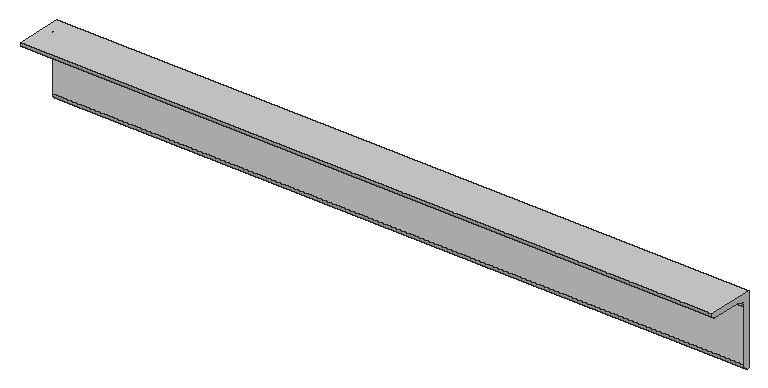
Revit family "BIMSF-L-Angle", category Structural Framing, Revit 2024
Family settings
  Section Shape = L Profile
  Material for Model Behavior = Steel
  Always export as geometry = No
  Always vertical = Yes
  Cut with Voids When Loaded = No
  Symbolic Representation = From Project Settings
  Shared = No
  Show family pre-cut in plan views = Yes
Parameters (values of type "L6X4X1/2")
  k = 0' - 1"
  Weight = 0.00 lbf/ft
  Structural Material [instance] = Metal - Steel - ASTM A36
  Start Extension Calculation [instance] = 10' 0 1/2" + Start Extension  # 10' - 0"
  Start Extension [instance] = -0' - 0 1/2"
  Reported Length [instance] = 5' - 0"
  End Extension Calculation [instance] = 10' 0 1/2" + End Extension  # 10' - 0"
  End Extension [instance] = -0' - 0 1/2"
  A = 4.75 in²
  Assembly Code = "B10"
  Length [instance] = 5' - 0"
  W = 16.2
  b = 0' - 4"
  d = 0' - 6"
  t = 0' - 0 1/2"
  x = 0' - 0 251/256"
  y = 0' - 1 251/256"
Reference planes (in)
  plane 1 "Center (Front/Back)": y = 0
  plane 2: z = 0
  plane 3 "Center (Left/Right)": x = 0.1815
  plane 4: y = 0.98047
  plane 5: y = -3.01953
  plane 6 "Top": z = 1.98047
  plane 7: z = -4.01953
  plane 8 "Left": x = -29.8185
  plane 9 "Right": x = 30.1815
Forms (in)
  Sweep 1, solid, material "Metal - Steel - ASTM A36" <- "Structural Material", detail levels fine
    path origin (0, 0, 0) x (1, 0, 0) y (0, 1, 0)
      loop
        line (30.1815, 0) -> (-29.8185, 0)
    profile "L-Angle-Profile-Fine : L-Angle-Profile-Fine" origin (0.1815, 0, 0) x (0, -1, 0) y (0, 0, 1)
      loop
        arc (-0.98047, -4.01953) -> (-0.62692, -3.87308) -> (-0.48047, -3.51953) r 0.5
        line (-0.48047, -3.51953) -> (-0.48047, 0.98047)
        arc (-0.48047, 0.98047) -> (-0.33402, 1.33402) -> (0.01953, 1.48047) r 0.5
        line (0.01953, 1.48047) -> (2.51953, 1.48047)
        arc (2.51953, 1.48047) -> (2.87308, 1.62692) -> (3.01953, 1.98047) r 0.5
        line (3.01953, 1.98047) -> (-0.98047, 1.98047) -> (-0.98047, -4.01953)
  Sweep 2, solid, material "Metal - Steel - ASTM A36" <- "Structural Material", detail levels medium
    path origin (0, 0, 0) x (1, 0, 0) y (0, 1, 0)
      loop
        line (30.1815, 0) -> (-29.8185, 0)
    profile "L-Angle-Profile-Medium : L-Angle-Profile-Medium" origin (0.1815, 0, 0) x (0, -1, 0) y (0, 0, 1)
      loop
        line (-0.98047, -4.01953) -> (-0.48047, -4.01953) -> (-0.48047, 1.48047) -> (3.01953, 1.48047) -> (3.01953, 1.98047) -> (-0.98047, 1.98047) -> (-0.98047, -4.01953)
Lines and regions (in)
  symbolic lines, style "Hidden Faces", detail levels medium+fine
    curve 1: line (-23.8185, 0, 1.48047) -> (24.1815, 0, 1.48047)
    curve 4: line (-29.8185, 0.48047, 0) -> (30.1815, 0.48047, 0)
  symbolic lines, style "Stick Symbols", detail levels coarse
    curve 2: line (0.1815, 0.98047, -4.01953) -> (0.1815, 0.98047, 1.98047)
    curve 3: line (0.1815, -3.01953, 1.98047) -> (0.1815, 0.98047, 1.98047)
Dimensions and locks (in)
  "b": plane 4 to plane 5
  "d": plane 7 to plane 6 "Top"
  "x": plane 4 to plane 1 "Center (Front/Back)"
  "y": plane 6 "Top" to plane 2
  "Length": plane 8 "Left" to plane 9 "Right"
  "b": curve 3 to curve 2
  "d": curve 3 to curve 2
  "t": curve 4 to plane 4
  "Reported Length": Sweep 2 to Sweep 2
  aligned and locked: Sweep 1 sketch curve to plane 1 "Center (Front/Back)"
  aligned and locked: Sweep 2 sketch curve to plane 1 "Center (Front/Back)"
  aligned and locked: plane 8 "Left" to Sweep 2 sketch curve
  aligned and locked: plane 9 "Right" to Sweep 2 sketch curve
  aligned and locked: plane 8 "Left" to Sweep 1 sketch curve
  aligned and locked: plane 9 "Right" to Sweep 1 sketch curve
  aligned and locked: plane 8 "Left" to curve 4
  aligned and locked: plane 9 "Right" to curve 4
Automatic sketch dimensions
  plane 6 "Top" to curve 1 = 0' - 0 1/2"
  curve 3 to plane 5 = 0' - 0"
  curve 2 to plane 7 = 0' - 0"
  curve 1 to plane 8 "Left" = 0' - 6"
  plane 9 "Right" to curve 1 = 0' - 6"
Types in the file's own list only (126): name | k | A | W | b | d | t | x | y
  L8X8X1-1/8 | 0' - 1 3/4" | 16.70 in² | 56.9 | 0' - 8" | 0' - 8" | 0' - 1 1/8" | 0' - 2 3/8" | 0' - 2 3/8"
  L8X8X1 | 0' - 1 5/8" | 15.00 in² | 51 | 0' - 8" | 0' - 8" | 0' - 1" | 0' - 2 3/8" | 0' - 2 3/8"
  L8X8X7/8 | 0' - 1 1/2" | 13.20 in² | 45 | 0' - 8" | 0' - 8" | 0' - 0 7/8" | 0' - 2 5/16" | 0' - 2 5/16"
  L8X8X3/4 | 0' - 1 3/8" | 11.40 in² | 38.9 | 0' - 8" | 0' - 8" | 0' - 0 3/4" | 0' - 2 1/4" | 0' - 2 1/4"
  L8X8X5/8 | 0' - 1 1/4" | 9.61 in² | 32.7 | 0' - 8" | 0' - 8" | 0' - 0 5/8" | 0' - 2 3/16" | 0' - 2 3/16"
  L8X8X9/16 | 0' - 1 3/16" | 8.68 in² | 29.6 | 0' - 8" | 0' - 8" | 0' - 0 9/16" | 0' - 2 3/16" | 0' - 2 3/16"
  L8X8X1/2 | 0' - 1 1/8" | 7.75 in² | 26.4 | 0' - 8" | 0' - 8" | 0' - 0 1/2" | 0' - 2 3/16" | 0' - 2 3/16"
  L8X6X1 | 0' - 1 1/2" | 13.00 in² | 44.2 | 0' - 6" | 0' - 8" | 0' - 1" | 0' - 1 5/8" | 0' - 2 5/8"
  L8X6X7/8 | 0' - 1 3/8" | 11.50 in² | 39.1 | 0' - 6" | 0' - 8" | 0' - 0 7/8" | 0' - 1 5/8" | 0' - 2 5/8"
  L8X6X3/4 | 0' - 1 1/4" | 9.94 in² | 33.8 | 0' - 6" | 0' - 8" | 0' - 0 3/4" | 0' - 1 9/16" | 0' - 2 9/16"
  L8X6X5/8 | 0' - 1 1/8" | 8.36 in² | 28.5 | 0' - 6" | 0' - 8" | 0' - 0 5/8" | 0' - 1 1/2" | 0' - 2 1/2"
  L8X6X9/16 | 0' - 1 1/16" | 7.56 in² | 25.7 | 0' - 6" | 0' - 8" | 0' - 0 9/16" | 0' - 1 1/2" | 0' - 2 1/2"
  L8X6X1/2 | 0' - 1" | 6.75 in² | 23 | 0' - 6" | 0' - 8" | 0' - 0 1/2" | 0' - 1 7/16" | 0' - 2 7/16"
  L8X6X7/16 | 0' - 0 15/16" | 5.93 in² | 20.2 | 0' - 6" | 0' - 8" | 0' - 0 7/16" | 0' - 1 7/16" | 0' - 2 7/16"
  L8X4X1 | 0' - 1 1/2" | 11.00 in² | 37.4 | 0' - 4" | 0' - 8" | 0' - 1" | 0' - 1 1/16" | 0' - 3"
  L8X4X7/8 | 0' - 1 3/8" | 9.73 in² | 33.1 | 0' - 4" | 0' - 8" | 0' - 0 7/8" | 0' - 1" | 0' - 3"
  L8X4X3/4 | 0' - 1 1/4" | 8.44 in² | 28.7 | 0' - 4" | 0' - 8" | 0' - 0 3/4" | 0' - 0 15/16" | 0' - 2 15/16"
  L8X4X5/8 | 0' - 1 1/8" | 7.11 in² | 24.2 | 0' - 4" | 0' - 8" | 0' - 0 5/8" | 0' - 0 7/8" | 0' - 2 7/8"
  L8X4X9/16 | 0' - 1 1/16" | 6.43 in² | 21.9 | 0' - 4" | 0' - 8" | 0' - 0 9/16" | 0' - 0 7/8" | 0' - 2 7/8"
  L8X4X1/2 | 0' - 1" | 5.75 in² | 19.6 | 0' - 4" | 0' - 8" | 0' - 0 1/2" | 0' - 0 7/8" | 0' - 2 13/16"
  L8X4X7/16 | 0' - 0 15/16" | 5.06 in² | 17.2 | 0' - 4" | 0' - 8" | 0' - 0 7/16" | 0' - 0 13/16" | 0' - 2 13/16"
  L7X4X3/4 | 0' - 1 1/4" | 7.69 in² | 26.2 | 0' - 4" | 0' - 7" | 0' - 0 3/4" | 0' - 1" | 0' - 2 1/2"
  L7X4X5/8 | 0' - 1 1/8" | 6.48 in² | 22.1 | 0' - 4" | 0' - 7" | 0' - 0 5/8" | 0' - 0 15/16" | 0' - 2 7/16"
  L7X4X1/2 | 0' - 1" | 5.25 in² | 17.9 | 0' - 4" | 0' - 7" | 0' - 0 1/2" | 0' - 0 15/16" | 0' - 2 3/8"
  L7X4X7/16 | 0' - 0 15/16" | 4.62 in² | 15.7 | 0' - 4" | 0' - 7" | 0' - 0 7/16" | 0' - 0 7/8" | 0' - 2 3/8"
  L7X4X3/8 | 0' - 0 7/8" | 3.98 in² | 13.6 | 0' - 4" | 0' - 7" | 0' - 0 3/8" | 0' - 0 7/8" | 0' - 2 3/8"
  L6X6X1 | 0' - 1 1/2" | 11.00 in² | 37.4 | 0' - 6" | 0' - 6" | 0' - 1" | 0' - 1 7/8" | 0' - 1 7/8"
  L6X6X7/8 | 0' - 1 3/8" | 9.75 in² | 33.1 | 0' - 6" | 0' - 6" | 0' - 0 7/8" | 0' - 1 13/16" | 0' - 1 13/16"
  L6X6X3/4 | 0' - 1 1/4" | 8.46 in² | 28.7 | 0' - 6" | 0' - 6" | 0' - 0 3/4" | 0' - 1 3/4" | 0' - 1 3/4"
  L6X6X5/8 | 0' - 1 1/8" | 7.13 in² | 24.2 | 0' - 6" | 0' - 6" | 0' - 0 5/8" | 0' - 1 3/4" | 0' - 1 3/4"
  L6X6X9/16 | 0' - 1 1/16" | 6.45 in² | 21.9 | 0' - 6" | 0' - 6" | 0' - 0 9/16" | 0' - 1 11/16" | 0' - 1 11/16"
  L6X6X1/2 | 0' - 1" | 5.77 in² | 19.6 | 0' - 6" | 0' - 6" | 0' - 0 1/2" | 0' - 1 11/16" | 0' - 1 11/16"
  L6X6X7/16 | 0' - 0 15/16" | 5.08 in² | 17.2 | 0' - 6" | 0' - 6" | 0' - 0 7/16" | 0' - 1 5/8" | 0' - 1 5/8"
  L6X6X3/8 | 0' - 0 7/8" | 4.38 in² | 14.9 | 0' - 6" | 0' - 6" | 0' - 0 3/8" | 0' - 1 5/8" | 0' - 1 5/8"
  L6X6X5/16 | 0' - 0 13/16" | 3.67 in² | 12.4 | 0' - 6" | 0' - 6" | 0' - 0 5/16" | 0' - 1 5/8" | 0' - 1 5/8"
  L6X4X7/8 | 0' - 1 3/8" | 7.98 in² | 27.2 | 0' - 4" | 0' - 6" | 0' - 0 7/8" | 0' - 1 1/8" | 0' - 2 1/8"
  L6X4X3/4 | 0' - 1 1/4" | 6.94 in² | 23.6 | 0' - 4" | 0' - 6" | 0' - 0 3/4" | 0' - 1 1/16" | 0' - 2 1/16"
  L6X4X5/8 | 0' - 1 1/8" | 5.86 in² | 20 | 0' - 4" | 0' - 6" | 0' - 0 5/8" | 0' - 1" | 0' - 2"
  L6X4X9/16 | 0' - 1 1/16" | 5.31 in² | 18.1 | 0' - 4" | 0' - 6" | 0' - 0 9/16" | 0' - 1" | 0' - 2"
  L6X4X7/16 | 0' - 0 15/16" | 4.18 in² | 14.3 | 0' - 4" | 0' - 6" | 0' - 0 7/16" | 0' - 0 15/16" | 0' - 1 15/16"
  L6X4X3/8 | 0' - 0 7/8" | 3.61 in² | 12.3 | 0' - 4" | 0' - 6" | 0' - 0 3/8" | 0' - 0 15/16" | 0' - 1 15/16"
  L6X4X5/16 | 0' - 0 13/16" | 3.03 in² | 10.3 | 0' - 4" | 0' - 6" | 0' - 0 5/16" | 0' - 0 15/16" | 0' - 1 7/8"
  L6X3-1/2X1/2 | 0' - 1" | 4.50 in² | 15.3 | 0' - 3 1/2" | 0' - 6" | 0' - 0 1/2" | 0' - 0 13/16" | 0' - 2 1/16"
  L6X3-1/2X3/8 | 0' - 0 7/8" | 3.42 in² | 11.7 | 0' - 3 1/2" | 0' - 6" | 0' - 0 3/8" | 0' - 0 3/4" | 0' - 2"
  L6X3-1/2X5/16 | 0' - 0 13/16" | 2.87 in² | 9.8 | 0' - 3 1/2" | 0' - 6" | 0' - 0 5/16" | 0' - 0 3/4" | 0' - 2"
  L5X5X7/8 | 0' - 1 3/8" | 7.98 in² | 27.2 | 0' - 5" | 0' - 5" | 0' - 0 7/8" | 0' - 1 9/16" | 0' - 1 9/16"
  L5X5X3/4 | 0' - 1 1/4" | 6.94 in² | 23.6 | 0' - 5" | 0' - 5" | 0' - 0 3/4" | 0' - 1 1/2" | 0' - 1 1/2"
  L5X5X5/8 | 0' - 1 1/8" | 5.86 in² | 20 | 0' - 5" | 0' - 5" | 0' - 0 5/8" | 0' - 1 1/2" | 0' - 1 1/2"
  L5X5X1/2 | 0' - 1" | 4.75 in² | 16.2 | 0' - 5" | 0' - 5" | 0' - 0 1/2" | 0' - 1 7/16" | 0' - 1 7/16"
  L5X5X7/16 | 0' - 0 15/16" | 4.18 in² | 14.3 | 0' - 5" | 0' - 5" | 0' - 0 7/16" | 0' - 1 3/8" | 0' - 1 3/8"
  L5X5X3/8 | 0' - 0 7/8" | 3.61 in² | 12.3 | 0' - 5" | 0' - 5" | 0' - 0 3/8" | 0' - 1 3/8" | 0' - 1 3/8"
  L5X5X5/16 | 0' - 0 13/16" | 3.03 in² | 10.3 | 0' - 5" | 0' - 5" | 0' - 0 5/16" | 0' - 1 3/8" | 0' - 1 3/8"
  L5X3-1/2X3/4 | 0' - 1 3/16" | 5.81 in² | 19.8 | 0' - 3 1/2" | 0' - 5" | 0' - 0 3/4" | 0' - 1" | 0' - 1 3/4"
  L5X3-1/2X5/8 | 0' - 1 1/16" | 4.92 in² | 16.8 | 0' - 3 1/2" | 0' - 5" | 0' - 0 5/8" | 0' - 0 15/16" | 0' - 1 11/16"
  L5X3-1/2X1/2 | 0' - 0 15/16" | 4.00 in² | 13.6 | 0' - 3 1/2" | 0' - 5" | 0' - 0 1/2" | 0' - 0 7/8" | 0' - 1 5/8"
  L5X3-1/2X3/8 | 0' - 0 13/16" | 3.05 in² | 10.4 | 0' - 3 1/2" | 0' - 5" | 0' - 0 3/8" | 0' - 0 7/8" | 0' - 1 5/8"
  L5X3-1/2X5/16 | 0' - 0 3/4" | 2.56 in² | 8.7 | 0' - 3 1/2" | 0' - 5" | 0' - 0 5/16" | 0' - 0 13/16" | 0' - 1 9/16"
  L5X3-1/2X1/4 | 0' - 0 11/16" | 2.06 in² | 7 | 0' - 3 1/2" | 0' - 5" | 0' - 0 1/4" | 0' - 0 13/16" | 0' - 1 9/16"
  L5X3X1/2 | 0' - 0 15/16" | 3.75 in² | 12.8 | 0' - 3" | 0' - 5" | 0' - 0 1/2" | 0' - 0 3/4" | 0' - 1 3/4"
  L5X3X7/16 | 0' - 0 7/8" | 3.31 in² | 11.3 | 0' - 3" | 0' - 5" | 0' - 0 7/16" | 0' - 0 3/4" | 0' - 1 3/4"
  L5X3X3/8 | 0' - 0 13/16" | 2.86 in² | 9.8 | 0' - 3" | 0' - 5" | 0' - 0 3/8" | 0' - 0 11/16" | 0' - 1 11/16"
  L5X3X5/16 | 0' - 0 3/4" | 2.40 in² | 8.2 | 0' - 3" | 0' - 5" | 0' - 0 5/16" | 0' - 0 11/16" | 0' - 1 11/16"
  L5X3X1/4 | 0' - 0 11/16" | 1.94 in² | 6.6 | 0' - 3" | 0' - 5" | 0' - 0 1/4" | 0' - 0 5/8" | 0' - 1 5/8"
  L4X4X3/4 | 0' - 1 1/8" | 5.44 in² | 18.5 | 0' - 4" | 0' - 4" | 0' - 0 3/4" | 0' - 1 1/4" | 0' - 1 1/4"
  L4X4X5/8 | 0' - 1" | 4.61 in² | 15.7 | 0' - 4" | 0' - 4" | 0' - 0 5/8" | 0' - 1 1/4" | 0' - 1 1/4"
  L4X4X1/2 | 0' - 0 7/8" | 3.75 in² | 12.8 | 0' - 4" | 0' - 4" | 0' - 0 1/2" | 0' - 1 3/16" | 0' - 1 3/16"
  L4X4X7/16 | 0' - 0 13/16" | 3.31 in² | 11.3 | 0' - 4" | 0' - 4" | 0' - 0 7/16" | 0' - 1 1/8" | 0' - 1 1/8"
  L4X4X3/8 | 0' - 0 3/4" | 2.86 in² | 9.8 | 0' - 4" | 0' - 4" | 0' - 0 3/8" | 0' - 1 1/8" | 0' - 1 1/8"
  L4X4X5/16 | 0' - 0 11/16" | 2.40 in² | 8.2 | 0' - 4" | 0' - 4" | 0' - 0 5/16" | 0' - 1 1/8" | 0' - 1 1/8"
  L4X4X1/4 | 0' - 0 5/8" | 1.94 in² | 6.6 | 0' - 4" | 0' - 4" | 0' - 0 1/4" | 0' - 1 1/16" | 0' - 1 1/16"
  L4X3-1/2X1/2 | 0' - 0 7/8" | 3.50 in² | 11.9 | 0' - 3 1/2" | 0' - 4" | 0' - 0 1/2" | 0' - 1" | 0' - 1 1/4"
  L4X3-1/2X3/8 | 0' - 0 3/4" | 2.67 in² | 9.1 | 0' - 3 1/2" | 0' - 4" | 0' - 0 3/8" | 0' - 0 15/16" | 0' - 1 3/16"
  L4X3-1/2X5/16 | 0' - 0 11/16" | 2.25 in² | 7.7 | 0' - 3 1/2" | 0' - 4" | 0' - 0 5/16" | 0' - 0 15/16" | 0' - 1 3/16"
  L4X3-1/2X1/4 | 0' - 0 5/8" | 1.81 in² | 6.2 | 0' - 3 1/2" | 0' - 4" | 0' - 0 1/4" | 0' - 0 7/8" | 0' - 1 1/8"
  L4X3X5/8 | 0' - 1" | 3.89 in² | 13.6 | 0' - 3" | 0' - 4" | 0' - 0 5/8" | 0' - 0 7/8" | 0' - 1 3/8"
  L4X3X1/2 | 0' - 0 7/8" | 3.25 in² | 11.1 | 0' - 3" | 0' - 4" | 0' - 0 1/2" | 0' - 0 13/16" | 0' - 1 5/16"
  L4X3X3/8 | 0' - 0 3/4" | 2.48 in² | 8.5 | 0' - 3" | 0' - 4" | 0' - 0 3/8" | 0' - 0 3/4" | 0' - 1 1/4"
  L4X3X5/16 | 0' - 0 11/16" | 2.09 in² | 7.2 | 0' - 3" | 0' - 4" | 0' - 0 5/16" | 0' - 0 3/4" | 0' - 1 1/4"
  L4X3X1/4 | 0' - 0 5/8" | 1.69 in² | 5.8 | 0' - 3" | 0' - 4" | 0' - 0 1/4" | 0' - 0 3/4" | 0' - 1 1/4"
  L3-1/2X3-1/2X1/2 | 0' - 0 7/8" | 3.25 in² | 11.1 | 0' - 3 1/2" | 0' - 3 1/2" | 0' - 0 1/2" | 0' - 1 1/16" | 0' - 1 1/16"
  L3-1/2X3-1/2X7/16 | 0' - 0 13/16" | 2.87 in² | 9.8 | 0' - 3 1/2" | 0' - 3 1/2" | 0' - 0 7/16" | 0' - 1" | 0' - 1"
  L3-1/2X3-1/2X3/8 | 0' - 0 3/4" | 2.48 in² | 8.5 | 0' - 3 1/2" | 0' - 3 1/2" | 0' - 0 3/8" | 0' - 1" | 0' - 1"
  L3-1/2X3-1/2X5/16 | 0' - 0 11/16" | 2.09 in² | 7.2 | 0' - 3 1/2" | 0' - 3 1/2" | 0' - 0 5/16" | 0' - 1" | 0' - 1"
  L3-1/2X3-1/2X1/4 | 0' - 0 5/8" | 1.69 in² | 5.8 | 0' - 3 1/2" | 0' - 3 1/2" | 0' - 0 1/4" | 0' - 0 15/16" | 0' - 0 15/16"
  L3-1/2X3X1/2 | 0' - 0 7/8" | 3.00 in² | 10.2 | 0' - 3" | 0' - 3 1/2" | 0' - 0 1/2" | 0' - 0 7/8" | 0' - 1 1/8"
  L3-1/2X3X7/16 | 0' - 0 13/16" | 2.65 in² | 9.1 | 0' - 3" | 0' - 3 1/2" | 0' - 0 7/16" | 0' - 0 7/8" | 0' - 1 1/16"
  L3-1/2X3X3/8 | 0' - 0 3/4" | 2.30 in² | 7.9 | 0' - 3" | 0' - 3 1/2" | 0' - 0 3/8" | 0' - 0 13/16" | 0' - 1 1/16"
  L3-1/2X3X5/16 | 0' - 0 11/16" | 1.93 in² | 6.6 | 0' - 3" | 0' - 3 1/2" | 0' - 0 5/16" | 0' - 0 13/16" | 0' - 1 1/16"
  L3-1/2X3X1/4 | 0' - 0 5/8" | 1.56 in² | 5.4 | 0' - 3" | 0' - 3 1/2" | 0' - 0 1/4" | 0' - 0 3/4" | 0' - 1"
  L3-1/2X2-1/2X1/2 | 0' - 0 7/8" | 2.75 in² | 9.4 | 0' - 2 1/2" | 0' - 3 1/2" | 0' - 0 1/2" | 0' - 0 11/16" | 0' - 1 3/16"
  L3-1/2X2-1/2X3/8 | 0' - 0 3/4" | 2.11 in² | 7.2 | 0' - 2 1/2" | 0' - 3 1/2" | 0' - 0 3/8" | 0' - 0 5/8" | 0' - 1 1/8"
  L3-1/2X2-1/2X5/16 | 0' - 0 11/16" | 1.78 in² | 6.1 | 0' - 2 1/2" | 0' - 3 1/2" | 0' - 0 5/16" | 0' - 0 5/8" | 0' - 1 1/8"
  L3-1/2X2-1/2X1/4 | 0' - 0 5/8" | 1.44 in² | 4.9 | 0' - 2 1/2" | 0' - 3 1/2" | 0' - 0 1/4" | 0' - 0 5/8" | 0' - 1 1/8"
  L3X3X1/2 | 0' - 0 7/8" | 2.75 in² | 9.4 | 0' - 3" | 0' - 3" | 0' - 0 1/2" | 0' - 0 15/16" | 0' - 0 15/16"
  L3X3X7/16 | 0' - 0 13/16" | 2.43 in² | 8.3 | 0' - 3" | 0' - 3" | 0' - 0 7/16" | 0' - 0 15/16" | 0' - 0 15/16"
  L3X3X3/8 | 0' - 0 3/4" | 2.11 in² | 7.2 | 0' - 3" | 0' - 3" | 0' - 0 3/8" | 0' - 0 7/8" | 0' - 0 7/8"
  L3X3X5/16 | 0' - 0 11/16" | 1.78 in² | 6.1 | 0' - 3" | 0' - 3" | 0' - 0 5/16" | 0' - 0 7/8" | 0' - 0 7/8"
  L3X3X1/4 | 0' - 0 5/8" | 1.44 in² | 4.9 | 0' - 3" | 0' - 3" | 0' - 0 1/4" | 0' - 0 13/16" | 0' - 0 13/16"
  L3X3X3/16 | 0' - 0 9/16" | 1.09 in² | 3.71 | 0' - 3" | 0' - 3" | 0' - 0 3/16" | 0' - 0 13/16" | 0' - 0 13/16"
  L3X2-1/2X1/2 | 0' - 0 7/8" | 2.50 in² | 8.5 | 0' - 2 1/2" | 0' - 3" | 0' - 0 1/2" | 0' - 0 3/4" | 0' - 1"
  L3X2-1/2X7/16 | 0' - 0 13/16" | 2.21 in² | 7.6 | 0' - 2 1/2" | 0' - 3" | 0' - 0 7/16" | 0' - 0 3/4" | 0' - 1"
  L3X2-1/2X3/8 | 0' - 0 3/4" | 1.92 in² | 6.6 | 0' - 2 1/2" | 0' - 3" | 0' - 0 3/8" | 0' - 0 11/16" | 0' - 0 15/16"
  L3X2-1/2X5/16 | 0' - 0 11/16" | 1.67 in² | 5.6 | 0' - 2 1/2" | 0' - 3" | 0' - 0 5/16" | 0' - 0 11/16" | 0' - 0 15/16"
  L3X2-1/2X1/4 | 0' - 0 5/8" | 1.31 in² | 4.5 | 0' - 2 1/2" | 0' - 3" | 0' - 0 1/4" | 0' - 0 5/8" | 0' - 0 7/8"
  L3X2-1/2X3/16 | 0' - 0 9/16" | 1.00 in² | 3.39 | 0' - 2 1/2" | 0' - 3" | 0' - 0 3/16" | 0' - 0 5/8" | 0' - 0 7/8"
  L3X2X1/2 | 0' - 0 13/16" | 2.25 in² | 7.7 | 0' - 2" | 0' - 3" | 0' - 0 1/2" | 0' - 0 9/16" | 0' - 1 1/16"
  L3X2X3/8 | 0' - 0 11/16" | 1.73 in² | 5.9 | 0' - 2" | 0' - 3" | 0' - 0 3/8" | 0' - 0 9/16" | 0' - 1"
  L3X2X5/16 | 0' - 0 5/8" | 1.46 in² | 5 | 0' - 2" | 0' - 3" | 0' - 0 5/16" | 0' - 0 1/2" | 0' - 1"
  L3X2X1/4 | 0' - 0 9/16" | 1.19 in² | 4.1 | 0' - 2" | 0' - 3" | 0' - 0 1/4" | 0' - 0 1/2" | 0' - 1"
  L3X2X3/16 | 0' - 0 1/2" | 0.90 in² | 3.07 | 0' - 2" | 0' - 3" | 0' - 0 3/16" | 0' - 0 7/16" | 0' - 0 15/16"
  L2-1/2X2-1/2X1/2 | 0' - 0 3/4" | 2.25 in² | 7.7 | 0' - 2 1/2" | 0' - 2 1/2" | 0' - 0 1/2" | 0' - 0 13/16" | 0' - 0 13/16"
  L2-1/2X2-1/2X3/8 | 0' - 0 5/8" | 1.73 in² | 5.9 | 0' - 2 1/2" | 0' - 2 1/2" | 0' - 0 3/8" | 0' - 0 3/4" | 0' - 0 3/4"
  L2-1/2X2-1/2X5/16 | 0' - 0 9/16" | 1.46 in² | 5 | 0' - 2 1/2" | 0' - 2 1/2" | 0' - 0 5/16" | 0' - 0 3/4" | 0' - 0 3/4"
  L2-1/2X2-1/2X1/4 | 0' - 0 1/2" | 1.19 in² | 4.1 | 0' - 2 1/2" | 0' - 2 1/2" | 0' - 0 1/4" | 0' - 0 11/16" | 0' - 0 11/16"
  L2-1/2X2-1/2X3/16 | 0' - 0 7/16" | 0.90 in² | 3.07 | 0' - 2 1/2" | 0' - 2 1/2" | 0' - 0 3/16" | 0' - 0 11/16" | 0' - 0 11/16"
  L2-1/2X2X3/8 | 0' - 0 5/8" | 1.55 in² | 5.3 | 0' - 2" | 0' - 2 1/2" | 0' - 0 3/8" | 0' - 0 9/16" | 0' - 0 13/16"
  L2-1/2X2X5/16 | 0' - 0 9/16" | 1.31 in² | 4.5 | 0' - 2" | 0' - 2 1/2" | 0' - 0 5/16" | 0' - 0 9/16" | 0' - 0 13/16"
  L2-1/2X2X1/4 | 0' - 0 1/2" | 1.06 in² | 3.62 | 0' - 2" | 0' - 2 1/2" | 0' - 0 1/4" | 0' - 0 9/16" | 0' - 0 3/4"
  L2-1/2X2X3/16 | 0' - 0 7/16" | 0.81 in² | 2.75 | 0' - 2" | 0' - 2 1/2" | 0' - 0 3/16" | 0' - 0 1/2" | 0' - 0 3/4"
  L2-1/2X1-1/2X1/4 | 0' - 0 1/2" | 0.94 in² | 3.22 | 0' - 1 1/2" | 0' - 2 1/2" | 0' - 0 1/4" | 0' - 0 3/8" | 0' - 0 7/8"
  L2-1/2X1-1/2X3/16 | 0' - 0 7/16" | 0.72 in² | 2.47 | 0' - 1 1/2" | 0' - 2 1/2" | 0' - 0 3/16" | 0' - 0 3/8" | 0' - 0 13/16"
  L2X2X3/8 | 0' - 0 5/8" | 1.36 in² | 4.7 | 0' - 2" | 0' - 2" | 0' - 0 3/8" | 0' - 0 5/8" | 0' - 0 5/8"
  L2X2X5/16 | 0' - 0 9/16" | 1.15 in² | 3.92 | 0' - 2" | 0' - 2" | 0' - 0 5/16" | 0' - 0 5/8" | 0' - 0 5/8"
  L2X2X1/4 | 0' - 0 1/2" | 0.94 in² | 3.19 | 0' - 2" | 0' - 2" | 0' - 0 1/4" | 0' - 0 9/16" | 0' - 0 9/16"
  L2X2X3/16 | 0' - 0 7/16" | 0.72 in² | 2.44 | 0' - 2" | 0' - 2" | 0' - 0 3/16" | 0' - 0 9/16" | 0' - 0 9/16"
  L2X2X1/8 | 0' - 0 3/8" | 0.48 in² | 1.65 | 0' - 2" | 0' - 2" | 0' - 0 1/8" | 0' - 0 9/16" | 0' - 0 9/16"
